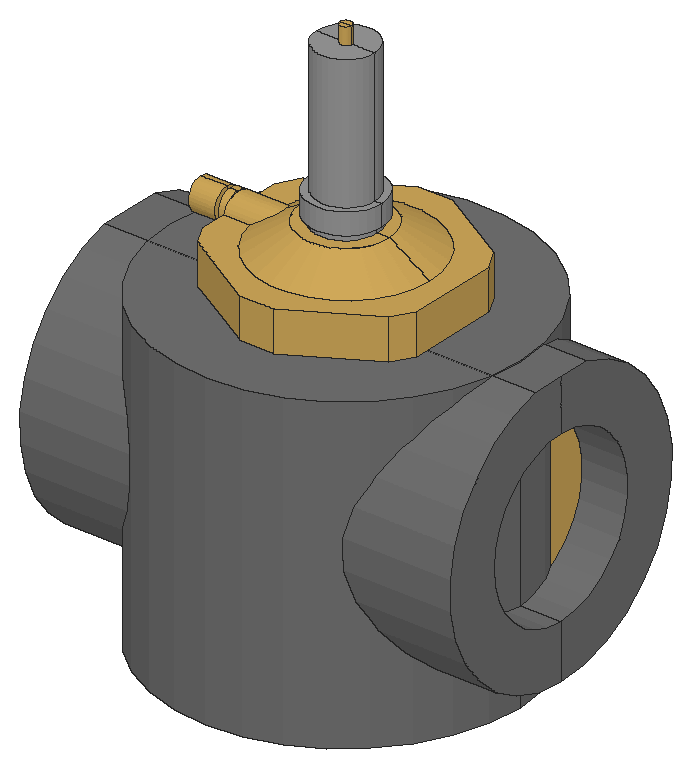
Revit family "Differential Pressure Control Valve 4002 5-30kPa", category Rohrzubehör, Revit 2018
Family settings
  Bemaßung runder Anschluss = Durchmesser verwenden
  Teiletyp = Unterbricht
  OmniClass-Nummer = 23.65.55.14
  OmniClass-Titel = Valves for Liquid Services
  Arbeitsebenenbasiert = Nein
  Immer vertikal = Ja
  Beim Laden mit Abzugskörper schneiden = Nein
  Gemeinsam genutzt = Nein
Parameters (values of type "with insulation")
  y4 [instance] = y2 - K14  # 56.000 mm
  y3 [instance] = y2 - K14  # 56.000 mm
  y2 [instance] = K14 + K9 + H01  # 72.649 mm
  y1 [instance] = (R03 * 2) + R05  # 140.000 mm
  Model = "The differential pressure controller is a straight-version linear controller and works without auxiliary power. The\r\nnominal differential pressure can be continuously adjusted from 50 to 300 mbar and 250 to 600 mbar, respectively.\r\nThe value for the setting can be read from the diagram. The nominal set point is factory preset to a minimum. If\r\nnecessary, the nominal set point can be adjusted using the pre-setting key (1 4002 01). A capillary tube (1000 mm) is\r\nincluded and should be connected to the circuit regulating valve in the supply line."
  Min. operating temperature (anti freeze) = -20 °C  # constant formula
  Max. operating temperature up to DN32 = 130 °C  # constant formula
  Max. operating temperature from DN40 = 110 °C  # constant formula
  Max. differential pressure on the body = 400000.0 Pa  # constant formula
  Max. operating pressure = 1600000.0 Pa  # constant formula
  Valve shaft = "stainless steel 14301"  # constant formula
  VRL01 = 30.000 mm  # constant formula
  V12 = 17.000 mm  # constant formula
  V10 = 16.000 mm  # constant formula
  V08 [instance] = G01 + 3.000 mm  # 38.000 mm
  V03 [instance] = G01 + 5.000 mm  # 40.000 mm
  V02 [instance] = V01 + 4.500 mm  # 29.500 mm
  V01 [instance] = Nennweite / 2  # 25.000 mm
  URL = "www.herzvalves.com"
  SCRNSEQ = "ARM;ARM_TYP=\"DIFR\";2"
  SCRNCODE = "05;03;4"  # constant formula
  S07 = 10.000 mm  # constant formula
  S05 [instance] = S01 - 1.000 mm  # 25.000 mm
  S04 [instance] = S02 - 1.000 mm  # 27.000 mm
  S03 [instance] = size_lookup("4002 5-30kPa", "S03", 26.500 mm, Nennweite)  # 37.700 mm
  S02 [instance] = size_lookup("4002 5-30kPa", "S02", 19.000 mm, Nennweite)  # 28.000 mm
  S01 [instance] = size_lookup("4002 5-30kPa", "S01", 14.850 mm, Nennweite)  # 26.000 mm
  Regulator connection nut = "brass CW614N"  # constant formula
  Control range = "5 - 30kPa"  # constant formula
  R06 [instance] = size_lookup("4002 5-30kPa", "R06", 14.500 mm, Nennweite)  # 14.500 mm
  R05 [instance] = size_lookup("4002 5-30kPa", "R05", 41.000 mm, Nennweite)  # 104.000 mm
  R04 [instance] = size_lookup("4002 5-30kPa", "R04", 12.500 mm, Nennweite)  # 14.500 mm
  R03 [instance] = size_lookup("4002 5-30kPa", "R03", 8.000 mm, Nennweite)  # 18.000 mm
  R02 = 14.500 mm  # constant formula
  R01 [instance] = size_lookup("4002 5-30kPa", "R01", 11.500 mm, Nennweite)  # 37.600 mm
  Min. operating temperature (pure water) = 2 °C  # constant formula
  O-Rings = "EPDM"  # constant formula
  Nennweite [instance] = 50.000 mm
  Membrane body = "brass CW602N"  # constant formula
  Membrane = "EPDM"  # constant formula
  Medium = "Water purity in accordance with the ÖNORM H 5195 and VDI 2035 standards.\r\nEthylene and propylene glycol can be mixed to a ratio of 25 - 50 vol. [%]"
  L07 [instance] = size_lookup("4002 5-30kPa", "L07", 28.500 mm, Nennweite)  # 70.000 mm
  L [instance] = size_lookup("4002 5-30kPa", "L", 66.000 mm, Nennweite)  # 140.000 mm
  K9 = 4.000 mm  # constant formula
  K8 = 55.000 mm  # constant formula
  K7 = 8.700 mm  # constant formula
  K6 = 11.700 mm  # constant formula
  K5 = 13.000 mm  # constant formula
  K4 = 12.000 mm  # constant formula
  K3 = 15.000 mm  # constant formula
  K2 = 2.350 mm  # constant formula
  K18 = 89.000 mm  # constant formula
  K17 = 66.700 mm  # constant formula
  K16 = 3.000 mm  # constant formula
  K15 = 26.649 mm  # constant formula
  K14 = 16.649 mm  # constant formula
  K13 = 16.649 mm  # constant formula
  K12 = 10.000 mm  # constant formula
  K11 = 35.000 mm  # constant formula
  K10 = 18.250 mm  # constant formula
  K1.1 = 2.350 mm  # constant formula
  K1 = 7.651 mm - 1.000 mm  # 6.651 mm
  J9 = 15.700 mm  # constant formula
  J8 = 7.850 mm  # constant formula
  J7 = 15.897 mm  # constant formula
  J6 = 3.900 mm  # constant formula
  J5 = 6.500 mm  # constant formula
  J4 = 1.500 mm  # constant formula
  J3 = 3.200 mm  # constant formula
  J2 = 11.000 mm  # constant formula
  J11 = 3.500 mm  # constant formula
  J10 = 18.897 mm  # constant formula
  J1 = 6.500 mm  # constant formula
  Hersteller = "HERZ-Armaturen Ges.m.b.H"  # constant formula
  H2 [instance] = size_lookup("4002 5-30kPa", "H2", 28.000 mm, Nennweite)  # 58.000 mm
  H1 [instance] = K1 + K2 + K3 + K4 + K5 + K7 + K8 + K16 + 16.650 mm  # 132.351 mm
  H04 = 4.000 mm  # constant formula
  H03 = 9.800 mm  # constant formula
  H02 [instance] = size_lookup("4002 5-30kPa", "H02", 53.000 mm, Nennweite)  # 107.000 mm
  H01 [instance] = size_lookup("4002 5-30kPa", "H01", 25.000 mm, Nennweite)  # 52.000 mm
  Body = "DZR brass CC770S"  # constant formula
  G01 [instance] = size_lookup("4002 5-30kPa", "G01", 13.220 mm, Nennweite)  # 35.000 mm
  Adjusting spindle = "brass CW614N"  # constant formula
  Materials = "EPDM gaskets can be affected by mineral oil lubricants and thus lead to failure of the EPDM seals. Please refer\r\nto manufacturers documentation when using ethylene glycol products for frost and corrosion protection."
  Dämmung = yes
  Insulation shell = "EPP (expanded polypropylen)"  # constant formula
  Compression spring = "spring steel 14310 NS"  # constant formula
  D07 [instance] = if(Nennweite = 15.000 mm, 32.000 mm, if(Nennweite = 20.000 mm, 33.000 mm, if(Nennweite = 25.000 mm, 33.000 mm, if(Nennweite = 32.000 mm, 49.000 mm, if(Nennweite = 40.000 mm, 57.560 mm, if(Nennweite = 50.000 mm, 57.560 mm, 0.000 mm))))))  # 57.560 mm
  D06 [instance] = if(Nennweite = 15.000 mm, 32.000 mm, if(Nennweite = 20.000 mm, 33.000 mm, if(Nennweite = 25.000 mm, 33.000 mm, if(Nennweite = 32.000 mm, 49.000 mm, if(Nennweite = 40.000 mm, 57.560 mm, if(Nennweite = 50.000 mm, 57.560 mm, 0.000 mm))))))  # 57.560 mm
  D05 [instance] = if(Nennweite = 15.000 mm, 36.750 mm, if(Nennweite = 20.000 mm, 40.700 mm, if(Nennweite = 25.000 mm, 49.200 mm, if(Nennweite = 32.000 mm, 54.150 mm, if(Nennweite = 40.000 mm, 60.750 mm, if(Nennweite = 50.000 mm, 72.700 mm, 0.000 mm))))))  # 72.700 mm
  D04 [instance] = if(Nennweite = 15.000 mm, 78.500 mm, if(Nennweite = 20.000 mm, 82.000 mm, if(Nennweite = 25.000 mm, 84.000 mm, if(Nennweite = 32.000 mm, 120.000 mm, if(Nennweite = 40.000 mm, 130.000 mm, if(Nennweite = 50.000 mm, 130.500 mm, 0.000 mm))))))  # 130.500 mm
  D03 [instance] = if(Nennweite = 15.000 mm, 96.000 mm, if(Nennweite = 20.000 mm, 110.000 mm, if(Nennweite = 25.000 mm, 112.000 mm, if(Nennweite = 32.000 mm, 152.000 mm, if(Nennweite = 40.000 mm, 170.000 mm, if(Nennweite = 50.000 mm, 179.000 mm, 0.000 mm))))))  # 179.000 mm
  D01 [instance] = size_lookup("4002 5-30kPa", "G01", 13.220 mm, Nennweite)  # 35.000 mm
  DN50 [instance] = Nennweite = 50.000 mm  # yes
  DN40 [instance] = Nennweite = 40.000 mm  # no
  DN32-40 [instance] = or(Nennweite = 32.000 mm, Nennweite = 40.000 mm)  # no
  DN32 [instance] = Nennweite = 32.000 mm  # no
  DN25 [instance] = Nennweite = 25.000 mm  # no
  DN20 [instance] = Nennweite = 20.000 mm  # no
  DN15-25 [instance] = or(Nennweite = 15.000 mm, Nennweite = 20.000 mm, Nennweite = 25.000 mm)  # no
  DN15,20,25,32,50 [instance] = or(Nennweite = 15.000 mm, Nennweite = 20.000 mm, Nennweite = 25.000 mm, Nennweite = 32.000 mm, Nennweite = 50.000 mm)  # yes
  DN15 [instance] = Nennweite = 15.000 mm  # no
  D02 [instance] = size_lookup("4002 5-30kPa", "R05", 41.000 mm, Nennweite)  # 104.000 mm
  Bestellnummer Dämmung [instance] = if(and(Dämmung, Nennweite = 15.000 mm), 1409611, if(and(Dämmung, Nennweite = 20.000 mm), 1409612, if(and(Dämmung, Nennweite = 25.000 mm), 1409613, if(and(Dämmung, Nennweite = 32.000 mm), 1409614, if(and(Dämmung, Nennweite = 40.000 mm), 1409615, if(and(Dämmung, Nennweite = 50.000 mm), 1409616, 0))))))  # 1409616
  Bestellnummer [instance] = size_lookup("4002 5-30kPa", "Artnr", 0, Nennweite)  # 1400246
  B2 [instance] = size_lookup("4002 5-30kPa", "B2", 31.000 mm, Nennweite)  # 41.000 mm
  B1 [instance] = size_lookup("4002 5-30kPa", "B1", 26.000 mm, Nennweite)  # 41.000 mm
  B04 = 100.649 mm  # constant formula
  B03 = 44.500 mm  # constant formula
  B02 = 104.688 mm  # constant formula
  B01 = 10.000 mm  # constant formula
  Indicator sleeve = "plastic (red)"  # constant formula
  Application = "Differential pressure controllers are used to stabilize the differential pressure in heating and cooling circuits and ensure the\r\nindependence of the loads from dynamic pressure fluctuations in the system."
  Connection nipple = "brass CW602N"  # constant formula
Types (2, lengths in mm): name | Model | Medium | Materials | Dämmung | Bestellnummer Dämmung
  without insulation | "The differential pressure controller is a straight-version linear controller and works without auxiliary power. The\r\nnominal differential pressure can be continuously adjusted from 50 to 300 mbar and 250 to 600 mbar, respectively.\r\nThe value for the setting can be read from the diagram. The nominal set point is factory preset to a minimum. If\r\nnecessary, the nominal set point can be adjusted using the pre-setting key (1 4002 01). A capillary (1000 mm) is\r\nincluded and should be connected to the circuit regulating valve in the flow." | "Water purity in accordance with the ÖNORM H 5195 and VDI 2035 standards\r\nEthylene and propylene glycol can be mixed to a ratio of 25 - 50 vol. [%]" | "EPDM gaskets can be affected by Mineral oils lubricants and thus lead to failure of the EPDM seals. Please refer\r\nto manufacturers documentation when using ethylene glycol products for frost and corrosion protection" | no | 0
  with insulation | "The differential pressure controller is a straight-version linear controller and works without auxiliary power. The\r\nnominal differential pressure can be continuously adjusted from 50 to 300 mbar and 250 to 600 mbar, respectively.\r\nThe value for the setting can be read from the diagram. The nominal set point is factory preset to a minimum. If\r\nnecessary, the nominal set point can be adjusted using the pre-setting key (1 4002 01). A capillary tube (1000 mm) is\r\nincluded and should be connected to the circuit regulating valve in the supply line." | "Water purity in accordance with the ÖNORM H 5195 and VDI 2035 standards.\r\nEthylene and propylene glycol can be mixed to a ratio of 25 - 50 vol. [%]" | "EPDM gaskets can be affected by mineral oil lubricants and thus lead to failure of the EPDM seals. Please refer\r\nto manufacturers documentation when using ethylene glycol products for frost and corrosion protection." | yes | 1409616
Reference planes
  plane 1 "Mitte (Vorne/hinten)": y = 0
  plane 2: z = 0
  plane 3 "Mitte (Links/rechts)": x = 0
Forms (mm)
  Revolve 1, solid, material "Messing, weicher Gelbton, geschweißt", detail levels fine
    sketch origin (0, 0, 0) x (1, 0, 0) y (0, 0, 1)
      loop
        line (-70, 0) -> (70, 0) -> (70, 35) -> (52, 35) -> (52, 37.6) -> (-52, 37.6) -> (-52, 35) -> (-70, 35) -> (-70, 0)
      axis (-70, 0) -> (70, 0)
    angle from 0 to 360
  Revolve 2, solid, material "Messing, weicher Gelbton, geschweißt", detail levels fine
    sketch origin (0, 0, 0) x (1, 0, 0) y (0, 0, 1)
      loop
        line (0, -58) -> (0, 0) -> (-27, 0) -> (-27, -48.2) -> (-28, -48.2) -> (-28, -58) -> (0, -58)
      axis (0, 0) -> (0, -58)
    angle from 0 to 360
  Extrusion 3, solid, material "Messing, weicher Gelbton, geschweißt", detail levels fine
    sketch origin (0, 0, 0) x (0, -1, 0) y (1, 0, 0)
      loop
        line (-46, -7.038) -> (-27.114, -39.75) -> (-18.886, -44.5) -> (18.886, -44.5) -> (27.114, -39.75) -> (46, -7.038) -> (46, 7.038) -> (27.114, 39.75) -> (18.886, 44.5) -> (-18.886, 44.5) -> (-27.114, 39.75) -> (-46, 7.038) -> (-46, -7.038)
    from 56 to 72.649
  Revolve 4, solid, material "Messing, weicher Gelbton, geschweißt", detail levels fine
    sketch origin (0, 0, -7.051) x (1, 0, 0) y (0, 0, 1)
      loop
        line (0, 79.7) -> (0, 89.7) -> (-18.25, 89.7) -> (-35, 79.7) -> (0, 79.7)
      axis (0, 89.7) -> (0, 79.7)
    angle from 0 to 360
  Revolve 5, solid, material "Messing, weicher Gelbton, geschweißt", visible <- "DN15-25", detail levels fine
    sketch origin (-11, 0, 0) x (1, 0, 0) y (0, 1, 0)
      loop
        line (-3.5, 41) -> (-11.2, 41) -> (-11.2, 0) -> (-3.5, 0) -> (-3.5, 41)
      axis (-3.5, 0) -> (-3.5, 41)
    angle from 0 to 360
  Revolve 6, solid, material "Messing, weicher Gelbton, geschweißt", visible <- "DN15,20,25,32,50", detail levels fine
    sketch origin (-0.988, 0, -6.853) x (-1, 0, 0) y (0, 0, 1)
      loop
        line (43.5, 78.75) -> (59.2, 78.75) -> (59.2, 85.25) -> (48.2, 85.25) -> (48.2, 82.65) -> (46.7, 82.65) -> (46.7, 85.25) -> (43.5, 85.25) -> (43.5, 78.75)
      axis (43.5, 78.75) -> (59.2, 78.75)
    angle from 0 to 360
  Extrusion 7, solid, material "Messing, weicher Gelbton, geschweißt", visible <- "DN15,20,25,32,50", detail levels fine
    sketch origin (0, 0, 0) x (0, 1, 0) y (0, 0, -1)
      loop
        line (7.85, -70.547) -> (7.85, -59.5) -> (-7.85, -59.5) -> (-7.85, -70.547)
        arc (-7.85, -70.547) -> (0, -78.397) -> (7.85, -70.547) r 7.85
    from 0 to 44.5
  Revolve 8, solid, material "Kunststoff rot", detail levels fine
    sketch origin (0, 0, 0) x (1, 0, 0) y (0, 0, 1)
      loop
        line (-12, 149.349) -> (-12, 94.349) -> (-15, 94.349) -> (-15, 85.649) -> (-13, 85.649) -> (-13, 82.649) -> (0, 82.649) -> (0, 149.349) -> (-12, 149.349)
      axis (0, 149.349) -> (0, 82.649)
    angle from 0 to 360
  Revolve 9, solid, material "Messing, weicher Gelbton, geschweißt", visible <- "DN15-25", detail levels fine
    sketch origin (-2, 0, 0) x (1, 0, 0) y (0, 1, 0)
      loop
        line (-12.5, 0) -> (-21.5, 0) -> (-21.5, -41) -> (-12.5, -41) -> (-12.5, 0)
      axis (-12.5, 0) -> (-12.5, -41)
    angle from 0 to 360
  Revolve 10, solid, material "Messing, weicher Gelbton, geschweißt", visible <- "DN15-25", detail levels fine
    sketch origin (2, 0, 0) x (1, 0, 0) y (0, 1, 0)
      loop
        line (12.5, 0) -> (12.5, -41) -> (21.6, -41) -> (21.6, 0) -> (12.5, 0)
      axis (12.5, 0) -> (12.5, -41)
    angle from 0 to 360
  Extrusion 11, solid, material "Messing, weicher Gelbton, geschweißt", visible <- "DN32", detail levels fine
    sketch origin (-31.5, 0, 0) x (1, 0, 0) y (0, 1, 0)
      loop
        circle (63, 0) r 6.578
      loop
        circle (63, 0) r 3.28
    from -47 to 0
  Extrusion 12, solid, material "Messing, weicher Gelbton, geschweißt", visible <- "DN32", detail levels fine
    sketch origin (31.5, 0, 0) x (-1, 0, 0) y (0, -1, 0)
      loop
        circle (63, 0) r 6.578
      loop
        circle (63, 0) r 3.28
    from -47 to 0
  Revolve 13, solid, material "Messing, weicher Gelbton, geschweißt", detail levels fine
    sketch origin (0, 0, 0) x (1, 0, 0) y (0, 0, 1)
      loop
        line (-25, 0) -> (0, 0) -> (0, 56) -> (-21, 56) -> (-21, 52) -> (-26, 52) -> (-26, 42.2) -> (-25, 42.2) -> (-25, 0)
      axis (0, 56) -> (0, 0)
    angle from 0 to 360
  Extrusion 14, solid, material "Messing, weicher Gelbton, geschweißt", visible <- "DN40", detail levels fine
    sketch origin (29.382, 0, 0) x (-1, 0, 0) y (0, -1, 0)
      loop
        circle (63, 0) r 6.578
      loop
        circle (63, 0) r 3.28
    from -58 to 0
  Extrusion 15, solid, material "Messing, weicher Gelbton, geschweißt", visible <- "DN40", detail levels fine
    sketch origin (-29.455, 0, 0) x (1, 0, 0) y (0, 1, 0)
      loop
        circle (63, 0) r 6.578
      loop
        circle (63, 0) r 3.28
    from -58 to 0
  Extrusion 16, solid, material "Messing, weicher Gelbton, geschweißt", visible <- "DN50", detail levels fine
    sketch origin (28.422, 0, 0) x (-1, 0, 0) y (0, -1, 0)
      loop
        circle (63, 0) r 6.578
      loop
        circle (63, 0) r 3.28
    from -58 to 0
  Extrusion 17, solid, material "Messing, weicher Gelbton, geschweißt", visible <- "DN50", detail levels fine
    sketch origin (-28.422, 0, 0) x (1, 0, 0) y (0, 1, 0)
      loop
        circle (63, 0) r 6.578
      loop
        circle (63, 0) r 3.28
    from -58 to 0
  Revolve 18, solid, material "Messing, weicher Gelbton, geschweißt", detail levels fine
    sketch origin (0, 0, 0) x (1, 0, 0) y (0, 0, 1)
      loop
        line (-2.35, 148.349) -> (0, 148.349) -> (0, 156) -> (-2.35, 156) -> (-2.35, 148.349)
      axis (0, 156) -> (0, 148.349)
    angle from 0 to 360
  Revolve 19, solid, material "Messing, weicher Gelbton, geschweißt", visible <- "DN32-40", detail levels fine
    sketch origin (-11, 0, 0) x (1, 0, 0) y (0, 1, 0)
      loop
        line (-3.5, -41) -> (-3.5, 0) -> (-11.2, 0) -> (-11.2, -41) -> (-3.5, -41)
      axis (-3.5, 0) -> (-3.5, -41)
    angle from 0 to 360
  Extrusion 20, solid, material "Messing, weicher Gelbton, geschweißt", visible <- "DN40", detail levels fine
    sketch origin (0, 0, 0) x (0, 1, 0) y (0, 0, 1)
      loop
        arc (7.85, 74.047) -> (0, 81.897) -> (-7.85, 74.047) r 7.85
        line (-7.85, 74.047) -> (-7.85, 63) -> (7.85, 63) -> (7.85, 74.047)
    from 0 to 44.5
  Revolve 21, solid, material "Messing, weicher Gelbton, geschweißt", visible <- "DN40", detail levels fine
    sketch origin (0.988, 0, -6.853) x (1, 0, 0) y (0, 0, 1)
      loop
        line (43.5, 82.25) -> (59.2, 82.25) -> (59.2, 88.75) -> (48.2, 88.75) -> (48.2, 86.15) -> (46.7, 86.15) -> (46.7, 88.75) -> (43.5, 88.75) -> (43.5, 82.25)
      axis (43.5, 82.25) -> (59.2, 82.25)
    angle from 0 to 360
  Revolve 22, solid, material "Messing, weicher Gelbton, geschweißt", not visible, detail levels fine
    sketch origin (16.501, 0, 0) x (-1, 0, 0) y (0, 0, 1)
      loop
        line (86.501, 0) -> (116.501, 0) -> (116.501, 25) -> (99.501, 25) -> (99.501, 29.5) -> (90.501, 29.5) -> (90.501, 40) -> (83.501, 40) -> (83.501, 38) -> (68.501, 38) -> (68.501, 35) -> (86.501, 35) -> (86.501, 0)
      axis (68.501, 0) -> (116.501, 0)
    angle from 0 to 360
  Revolve 23, solid, material "Messing, weicher Gelbton, geschweißt", not visible, detail levels fine
    sketch origin (-16.501, 0, 0) x (1, 0, 0) y (0, 0, 1)
      loop
        line (86.501, 0) -> (116.501, 0) -> (116.501, 25) -> (99.501, 25) -> (99.501, 29.5) -> (90.501, 29.5) -> (90.501, 40) -> (83.501, 40) -> (83.501, 38) -> (68.501, 38) -> (68.501, 35) -> (86.501, 35) -> (86.501, 0)
      axis (68.501, 0) -> (116.501, 0)
    angle from 0 to 360
  Revolve 24, solid, material "Kunststoff-Anthrazit/Schwarz", visible <- "Dämmung", detail levels fine
    sketch origin (0, 0, 0) x (1, 0, 0) y (0, 0, 1)
      loop
        line (89.5, 57.56) -> (-89.5, 57.56) -> (-89.5, 35) -> (-52, 35) -> (-52, 0) -> (0, 0) -> (52, 0) -> (52, 35) -> (89.5, 35) -> (89.5, 57.56)
      axis (-89.5, 0) -> (89.5, 0)
    angle from 0 to 360
  Revolve 25, solid, material "Kunststoff-Anthrazit/Schwarz", visible <- "Dämmung", detail levels fine
    sketch origin (0, 0, 0) x (1, 0, 0) y (0, 0, 1)
      loop
        line (0, 57.56) -> (0, -72.94) -> (72.7, -72.94) -> (72.7, 57.56) -> (0, 57.56)
      axis (0, -72.94) -> (0, 57.56)
    angle from 0 to 360
  Extrusion 26, void
    sketch origin (-250.451, -32.5, 0) x (1, 0, 0) y (0, 1, 0)
      loop
        line (153.352, -86.003) -> (360.451, -86.003) -> (360.451, 115.627) -> (153.352, 115.627) -> (153.352, -86.003)
    from 56 to 72.649
  Extrusion 27, void
    sketch origin (-295.468, -55, 0) x (1, 0, 0) y (0, 1, 0)
      loop
        line (159.813, -75.595) -> (420.468, -75.595) -> (420.468, 210) -> (159.813, 210) -> (159.813, -75.595)
    from 56 to 72.649
Cuts and joins
  Extrusion 26 cuts Revolve 24
  Extrusion 27 cuts Revolve 25
Lines and regions (mm)
  model lines, detail levels coarse+medium
    curve 1: line (70, -35, 0) -> (70, 35, 0)
    curve 2: line (70, 35, 0) -> (-70, -35, 0)
    curve 3: line (-70, -35, 0) -> (-70, 35, 0)
    curve 4: line (-70, 35, 0) -> (70, -35, 0)
    curve 5: line (0, -42, 0) -> (0, -56, 0)
    curve 6: spline (-44.5, -64.324, 0) -> (-42.984, -62.17, 0) -> (-38.538, -60.162, 0) -> (-31.466, -58.438, 0) -> (-22.25, -57.115, 0) -> (-11.517, -56.284, 0) -> (0, -56, 0) -> (11.517, -56.284, 0) -> (22.25, -57.115, 0) -> (31.466, -58.438, 0) -> (38.538, -60.162, 0) -> (42.984, -62.17, 0) -> (44.5, -64.325, 0) -> (42.984, -66.479, 0) -> (38.538, -68.487, 0) -> (31.466, -70.211, 0) -> (22.25, -71.534, 0) -> (11.517, -72.365, 0) -> (0, -72.649, 0) -> (-11.517, -72.365, 0) -> (-22.25, -71.534, 0) -> (-31.466, -70.211, 0) -> (-38.538, -68.487, 0) -> (-42.984, -66.479, 0) -> (-44.5, -64.324, 0)
    curve 7: line (-70, 0, 35) -> (-70, 0, -35)
    curve 8: line (-70, 0, -35) -> (70, 0, 35)
    curve 10: line (70, 0, -35) -> (-70, 0, 35)
    curve 11: line (0, 0, 35) -> (0, 0, 56)
    curve 12: spline (-44.5, 0, 64.325) -> (-42.984, 0, 66.479) -> (-38.538, 0, 68.487) -> (-31.466, 0, 70.211) -> (-22.25, 0, 71.534) -> (-11.517, 0, 72.365) -> (0, 0, 72.649) -> (11.517, 0, 72.365) -> (22.25, 0, 71.534) -> (31.466, 0, 70.211) -> (38.538, 0, 68.487) -> (42.984, 0, 66.479) -> (44.5, 0, 64.324) -> (42.984, 0, 62.17) -> (38.538, 0, 60.162) -> (31.466, 0, 58.438) -> (22.25, 0, 57.115) -> (11.517, 0, 56.284) -> (0, 0, 56) -> (-11.517, 0, 56.284) -> (-22.25, 0, 57.115) -> (-31.466, 0, 58.438) -> (-38.538, 0, 60.162) -> (-42.984, 0, 62.17) -> (-44.5, 0, 64.325)
    curve 13: line (0, 0, 35) -> (35, 0, 17.5)
    curve 14: line (0, 0, 35) -> (-35, 0, 17.5)
    curve 15: line (70, 0, 0) -> (100, 0, 0)
    curve 16: line (0, -42, 0) -> (-18.2, -9.1, 0)
    curve 17: line (0, -42, 0) -> (18.2, -9.1, 0)
    curve 22: line (70, 0, 35) -> (80, 0, 35)
    curve 23: line (80, 0, 35) -> (70, 0, 0)
    curve 24: line (70, 0, 0) -> (100, 0, 0)
    curve 25: line (70, 0, -35) -> (80, 0, -35)
    curve 26: line (80, 0, -35) -> (70, 0, 0)
    curve 27: line (-70, 35, 0) -> (-80, 35, 0)
    curve 28: line (-80, 35, 0) -> (-70, 0, 0)
    curve 29: line (-70, -35, 0) -> (-80, -35, 0)
    curve 30: line (-80, -35, 0) -> (-70, 0, 0)
    curve 31: line (70, -35, 0) -> (70, 35, 0)
    curve 32: line (70, 35, 0) -> (80, 35, 0)
    curve 33: line (80, 35, 0) -> (70, 0, 0)
    curve 34: line (70, -35, 0) -> (80, -35, 0)
    curve 35: line (80, -35, 0) -> (70, 0, 0)
  model lines, detail levels coarse
    curve 9: line (70, 0, 35) -> (70, 0, -35)
    curve 18: line (-70, 0, 35) -> (-80, 0, 35)
    curve 19: line (-80, 0, 35) -> (-70, 0, 0)
    curve 20: line (-70, 0, -35) -> (-80, 0, -35)
    curve 21: line (-80, 0, -35) -> (-70, 0, 0)
  model lines
    curve 36: line (0, 0, 0) -> (0, -37.5, 0)
    curve 37: line (0, 0, 0) -> (0, -61.5, 0)
Dimensions and locks
  "G01": Revolve 1 sketch curve to Revolve 1 sketch curve  (x2)
  "R01": Revolve 1 sketch curve to Revolve 1 sketch curve
  "R03": Revolve 1 sketch curve to Revolve 1 sketch curve  (x2)
  "K10": Revolve 4 sketch curve to Revolve 4 sketch curve
  "K11": Revolve 4 sketch curve to Revolve 4 sketch curve
  "B1": Revolve 5 sketch curve to Revolve 5 sketch curve
  "J1": Revolve 6 sketch curve to Revolve 6 sketch curve
  "J3": Revolve 6 sketch curve to Revolve 6 sketch curve
  "J4": Revolve 6 sketch curve to Revolve 6 sketch curve
  "J2": Revolve 6 sketch curve to Revolve 6 sketch curve
  "J5": Revolve 6 sketch curve to Revolve 6 sketch curve
  "J6": Revolve 6 sketch curve to Revolve 6 sketch curve
  "H2": plane 2 to Revolve 2 sketch curve
  "H03": Revolve 2 sketch curve to Revolve 2 sketch curve
  "S02": plane 3 "Mitte (Links/rechts)" to Revolve 2 sketch curve
  "B02": Revolve 6 to Extrusion 3
  "B03": Extrusion 3 to plane 3 "Mitte (Links/rechts)"
  "R04": Revolve 5 sketch curve to plane 3 "Mitte (Links/rechts)"
  "K4": Revolve 8 sketch curve to Revolve 8 sketch curve
  "K3": Revolve 8 sketch curve to Revolve 8 sketch curve
  "K7": Revolve 8 sketch curve to Revolve 8 sketch curve
  "K5": Revolve 8 sketch curve to Revolve 8 sketch curve
  "K8": Revolve 8 sketch curve to Revolve 8 sketch curve
  "K12": Revolve 4 sketch curve to Revolve 4 sketch curve
  "K13": Revolve 4 sketch curve to Extrusion 3
  "K14": Extrusion 3 to Extrusion 3
  "K16": Revolve 8 sketch curve to Revolve 8 sketch curve
  "K15": Revolve 8 to Extrusion 3
  "R05": Revolve 1 sketch curve to Revolve 1 sketch curve
  plane 3 "Mitte (Links/rechts)" to Revolve 1 sketch curve = 70.000 mm
  Revolve 1 sketch curve to plane 3 "Mitte (Links/rechts)" = 70.000 mm
  equal spacing: Revolve 1 sketch curve, plane 3 "Mitte (Links/rechts)", Revolve 1 sketch curve
  "B2": plane 1 "Mitte (Vorne/hinten)" to Revolve 9 sketch curve
  "B2": Revolve 10 sketch curve to plane 1 "Mitte (Vorne/hinten)"
  "R06": Revolve 9 sketch curve to plane 3 "Mitte (Links/rechts)"
  "R06": plane 3 "Mitte (Links/rechts)" to Revolve 10 sketch curve
  "S01": Revolve 13 sketch curve to plane 3 "Mitte (Links/rechts)"
  "S05": plane 3 "Mitte (Links/rechts)" to Revolve 13 sketch curve
  "H04": Revolve 13 sketch curve to Revolve 13 sketch curve
  "H03": Revolve 13 sketch curve to Revolve 13 sketch curve
  "H01": Revolve 13 sketch curve to plane 2
  "K9": Extrusion 3 to Revolve 13
  Revolve 2 sketch curve to Revolve 2 sketch curve = 1.000 mm
  "J7": Revolve 6 sketch curve to Extrusion 3
  "J9": Extrusion 7 sketch curve to Extrusion 7 sketch curve
  "J10": Revolve 6 to Extrusion 7 sketch curve
  "J11": Extrusion 7 sketch curve to Extrusion 3
  equal spacing: curve 7, curve 6, curve 9
  "K18": Extrusion 3 to Extrusion 3
  equal spacing: curve 7, curve 14, curve 14
  equal spacing: curve 14, curve 13, curve 9
  "G01": curve 10 to plane 2
  "G01": plane 2 to curve 8
  "G01": curve 9 to plane 2
  "G01": plane 2 to curve 10
  "K18": curve 12 to curve 12
  "y1": curve 7 to curve 9
  "G01": curve 14 to plane 2
  "K14": curve 12 to curve 12
  "y2": curve 12 to plane 2
  "G01": plane 1 "Mitte (Vorne/hinten)" to curve 4
  "G01": curve 3 to plane 1 "Mitte (Vorne/hinten)"
  equal spacing: curve 3, curve 12, curve 1
  equal spacing: curve 3, curve 17, curve 1
  "y1": curve 3 to curve 1
  "G01": plane 1 "Mitte (Vorne/hinten)" to curve 2
  "G01": curve 4 to plane 1 "Mitte (Vorne/hinten)"
  "K18": curve 6 to curve 6
  "K14": curve 6 to curve 6
  "y2": curve 6 to plane 1 "Mitte (Vorne/hinten)"
  "K1": Revolve 18 sketch curve to Revolve 8
  "K1.1": plane 3 "Mitte (Links/rechts)" to Revolve 18 sketch curve
  "B1": Revolve 19 sketch curve to Revolve 19 sketch curve
  "R04": Revolve 19 sketch curve to plane 3 "Mitte (Links/rechts)"
  Revolve 18 to Revolve 2 = 214.000 mm
  "J9": Extrusion 20 sketch curve to Extrusion 20 sketch curve
  "J1": Revolve 21 sketch curve to Revolve 21 sketch curve
  "J3": Revolve 21 sketch curve to Revolve 21 sketch curve
  "J4": Revolve 21 sketch curve to Revolve 21 sketch curve
  "J2": Revolve 21 sketch curve to Revolve 21 sketch curve
  "J5": Revolve 21 sketch curve to Revolve 21 sketch curve
  "J6": Revolve 21 sketch curve to Revolve 21 sketch curve
  "R03": Revolve 22 sketch curve to Revolve 22 sketch curve
  "V12": Revolve 22 sketch curve to Revolve 22 sketch curve
  "VRL01": Revolve 22 sketch curve to Revolve 22 sketch curve
  "V10": Revolve 22 sketch curve to Revolve 22 sketch curve
  "V01": Revolve 22 sketch curve to plane 2
  "V02": Revolve 22 sketch curve to plane 2
  "G01": Revolve 22 sketch curve to plane 2
  "V08": Revolve 22 sketch curve to plane 2
  "V03": Revolve 22 sketch curve to plane 2
  "L07": Revolve 22 to plane 3 "Mitte (Links/rechts)"
  "R03": Revolve 23 sketch curve to Revolve 23 sketch curve
  "V12": Revolve 23 sketch curve to Revolve 23 sketch curve
  "VRL01": Revolve 23 sketch curve to Revolve 23 sketch curve
  "V10": Revolve 23 sketch curve to Revolve 23 sketch curve
  "V01": Revolve 23 sketch curve to plane 2
  "V02": Revolve 23 sketch curve to plane 2
  "G01": Revolve 23 sketch curve to plane 2
  "V08": Revolve 23 sketch curve to plane 2
  "V03": Revolve 23 sketch curve to plane 2
  "L07": plane 3 "Mitte (Links/rechts)" to Revolve 23
  "S07": curve 21 to Revolve 1
  "S07": curve 19 to Revolve 22
  "S07": Revolve 23 to curve 23
  "S07": Revolve 23 to curve 26
  "S07": curve 28 to curve 3
  "S07": curve 30 to curve 3
  "S07": curve 31 to curve 33
  "S07": curve 31 to curve 35
  equal spacing: Revolve 24 sketch curve, plane 3 "Mitte (Links/rechts)", Revolve 24 sketch curve  (x2)
  "D01": Revolve 24 sketch curve to plane 2  (x2)
  "D02": Revolve 24 sketch curve to Revolve 24 sketch curve
  "D03": Revolve 24 sketch curve to Revolve 24 sketch curve
  "D04": Revolve 25 sketch curve to Revolve 25 sketch curve
  "D05": Revolve 25 sketch curve to plane 3 "Mitte (Links/rechts)"
  "D06": Revolve 25 sketch curve to plane 2
  plane 2 to Revolve 25 sketch curve = 72.940 mm
  "K9": Extrusion 26 to Revolve 13
  "K14": Extrusion 26 to Extrusion 26
  "K14": Extrusion 27 to Extrusion 27
  "K9": Extrusion 27 to Revolve 13
  "D07": Revolve 24 sketch curve to plane 2
  "J8": radius of Extrusion 7 sketch curve
  "J8": radius of Extrusion 20 sketch curve
  aligned and locked: level to plane 2
Automatic sketch dimensions
  plane 3 "Mitte (Links/rechts)" to Extrusion 3 sketch curve = 7.038 mm  (x2)
  Extrusion 3 sketch curve to plane 1 "Mitte (Vorne/hinten)" = 46.000 mm
  Extrusion 3 sketch curve to plane 1 "Mitte (Vorne/hinten)" = 27.114 mm  (x2)
  Extrusion 3 sketch curve to Extrusion 3 sketch curve = 8.227 mm  (x4)
  plane 1 "Mitte (Vorne/hinten)" to Extrusion 3 sketch curve = 18.886 mm  (x2)
  Extrusion 3 sketch curve to Extrusion 3 sketch curve = 18.886 mm
  Extrusion 3 sketch curve to plane 3 "Mitte (Links/rechts)" = 7.038 mm  (x2)
  Extrusion 3 sketch curve to Extrusion 3 sketch curve = 32.712 mm  (x4)
  Extrusion 3 sketch curve to Extrusion 3 sketch curve = 4.750 mm  (x2)
  Extrusion 11 sketch curve to Extrusion 11 sketch curve = 0.000 mm  (x2)
  plane 1 "Mitte (Vorne/hinten)" to Extrusion 11 sketch curve = 0.000 mm
  plane 3 "Mitte (Links/rechts)" to Extrusion 11 sketch curve = 31.500 mm
  Extrusion 12 sketch curve to Extrusion 12 sketch curve = 0.000 mm  (x2)
  plane 1 "Mitte (Vorne/hinten)" to Extrusion 12 sketch curve = 0.000 mm
  plane 3 "Mitte (Links/rechts)" to Extrusion 12 sketch curve = 31.500 mm
  Extrusion 14 sketch curve to Extrusion 14 sketch curve = 0.000 mm  (x2)
  plane 1 "Mitte (Vorne/hinten)" to Extrusion 14 sketch curve = 0.000 mm
  plane 3 "Mitte (Links/rechts)" to Extrusion 14 sketch curve = 33.618 mm
  Extrusion 15 sketch curve to Extrusion 15 sketch curve = 0.000 mm  (x2)
  plane 1 "Mitte (Vorne/hinten)" to Extrusion 15 sketch curve = 0.000 mm
  plane 3 "Mitte (Links/rechts)" to Extrusion 15 sketch curve = 33.545 mm
  Extrusion 16 sketch curve to Extrusion 16 sketch curve = 0.000 mm  (x2)
  plane 1 "Mitte (Vorne/hinten)" to Extrusion 16 sketch curve = 0.000 mm
  plane 3 "Mitte (Links/rechts)" to Extrusion 16 sketch curve = 34.578 mm
  Extrusion 17 sketch curve to Extrusion 17 sketch curve = 0.000 mm  (x2)
  plane 1 "Mitte (Vorne/hinten)" to Extrusion 17 sketch curve = 0.000 mm
  plane 3 "Mitte (Links/rechts)" to Extrusion 17 sketch curve = 34.578 mm
  curve 37 to plane 1 "Mitte (Vorne/hinten)" = 0.000 mm
  curve 36 to curve 36 = 37.500 mm
  curve 37 to curve 36 = 24.000 mm
  curve 36 to level = 0.000 mm
  plane 1 "Mitte (Vorne/hinten)" to Extrusion 26 sketch curve = 118.503 mm
  Extrusion 26 sketch curve to plane 1 "Mitte (Vorne/hinten)" = 83.127 mm
  Extrusion 26 sketch curve to plane 3 "Mitte (Links/rechts)" = 97.099 mm
  Extrusion 26 sketch curve to Extrusion 26 sketch curve = 207.099 mm
  plane 1 "Mitte (Vorne/hinten)" to Extrusion 27 sketch curve = 130.595 mm
  Extrusion 27 sketch curve to plane 1 "Mitte (Vorne/hinten)" = 155.000 mm
  Extrusion 27 sketch curve to plane 3 "Mitte (Links/rechts)" = 135.656 mm
  Extrusion 27 sketch curve to Extrusion 27 sketch curve = 260.656 mm
  curve 14 to plane 3 "Mitte (Links/rechts)" = 0.000 mm
  curve 12 to plane 3 "Mitte (Links/rechts)" = 0.000 mm
  curve 15 to level = 0.000 mm
  curve 24 to level = 0.000 mm
  curve 21 to level = 0.000 mm
  curve 19 to level = 0.000 mm
  curve 15 to curve 15 = 30.000 mm
  curve 24 to curve 15 = 0.000 mm
  plane 1 "Mitte (Vorne/hinten)" to curve 28 = 0.000 mm
  curve 17 to plane 3 "Mitte (Links/rechts)" = 0.000 mm
  curve 6 to plane 3 "Mitte (Links/rechts)" = 0.000 mm
  plane 1 "Mitte (Vorne/hinten)" to curve 33 = 0.000 mm
  curve 5 to curve 16 = 14.000 mm
  plane 1 "Mitte (Vorne/hinten)" to curve 16 = 9.100 mm
  plane 1 "Mitte (Vorne/hinten)" to curve 17 = 9.100 mm
  Revolve 1 sketch curve to level = 0.000 mm  (x2)
  Revolve 1 sketch curve to Revolve 1 sketch curve = 1473.530 mm
  Revolve 1 sketch curve to Revolve 1 sketch curve = 1806.148 mm
  Revolve 2 sketch curve to level = 0.000 mm
  Revolve 2 sketch curve to plane 3 "Mitte (Links/rechts)" = 0.000 mm  (x2)
  Revolve 2 sketch curve to Revolve 2 sketch curve = 1.000 mm
  Revolve 2 sketch curve to Revolve 2 sketch curve = 334.045 mm
  level to Revolve 2 sketch curve = 2218.015 mm
  Revolve 4 sketch curve to plane 3 "Mitte (Links/rechts)" = 0.000 mm  (x2)
  Revolve 4 sketch curve to level = 373.096 mm
  Revolve 4 sketch curve to Revolve 4 sketch curve = 2155.315 mm
  plane 1 "Mitte (Vorne/hinten)" to Revolve 5 sketch curve = 0.000 mm  (x2)
  Revolve 5 sketch curve to Revolve 5 sketch curve = 0.000 mm  (x2)
  Revolve 5 sketch curve to Revolve 5 sketch curve = 7.700 mm
  plane 3 "Mitte (Links/rechts)" to Revolve 6 sketch curve = 44.488 mm
  Revolve 6 sketch curve to Revolve 6 sketch curve = 0.000 mm  (x3)
  Extrusion 7 sketch curve to plane 1 "Mitte (Vorne/hinten)" = 0.000 mm
  Extrusion 7 sketch curve to Extrusion 7 sketch curve = 11.047 mm
  Extrusion 7 sketch curve to Extrusion 7 sketch curve = 0.000 mm
  Revolve 8 sketch curve to plane 3 "Mitte (Links/rechts)" = 0.000 mm  (x2)
  level to Revolve 8 sketch curve = 82.649 mm
  Revolve 8 sketch curve to Revolve 8 sketch curve = 0.000 mm  (x2)
  plane 1 "Mitte (Vorne/hinten)" to Revolve 9 sketch curve = 0.000 mm  (x2)
  Revolve 9 sketch curve to Revolve 9 sketch curve = 9.000 mm
  Revolve 9 sketch curve to Revolve 9 sketch curve = 0.000 mm  (x2)
  plane 1 "Mitte (Vorne/hinten)" to Revolve 10 sketch curve = 0.000 mm  (x2)
  Revolve 10 sketch curve to Revolve 10 sketch curve = 9.100 mm
  Revolve 10 sketch curve to Revolve 10 sketch curve = 0.000 mm  (x2)
  Revolve 13 sketch curve to level = 0.000 mm  (x2)
  Revolve 13 sketch curve to plane 3 "Mitte (Links/rechts)" = 0.000 mm  (x2)
  Revolve 13 sketch curve to Revolve 13 sketch curve = 5.000 mm
  Revolve 13 sketch curve to Revolve 13 sketch curve = 0.000 mm
  Revolve 18 sketch curve to plane 3 "Mitte (Links/rechts)" = 0.000 mm  (x2)
  Revolve 18 sketch curve to Revolve 18 sketch curve = 7.651 mm
  Revolve 18 sketch curve to Revolve 18 sketch curve = 0.000 mm  (x2)
  plane 1 "Mitte (Vorne/hinten)" to Revolve 19 sketch curve = 0.000 mm  (x2)
  Revolve 19 sketch curve to Revolve 19 sketch curve = 7.700 mm
  Revolve 19 sketch curve to Revolve 19 sketch curve = 0.000 mm  (x2)
  Extrusion 20 sketch curve to plane 1 "Mitte (Vorne/hinten)" = 0.000 mm
  level to Extrusion 20 sketch curve = 63.000 mm
  Extrusion 20 sketch curve to Extrusion 20 sketch curve = 11.047 mm
  Extrusion 20 sketch curve to Extrusion 20 sketch curve = 0.000 mm
  plane 3 "Mitte (Links/rechts)" to Revolve 21 sketch curve = 44.488 mm
  level to Revolve 21 sketch curve = 75.397 mm
  Revolve 21 sketch curve to Revolve 21 sketch curve = 0.000 mm  (x3)
  Revolve 22 sketch curve to level = 0.000 mm  (x2)
  plane 3 "Mitte (Links/rechts)" to Revolve 22 sketch curve = 52.000 mm
  Revolve 22 sketch curve to Revolve 22 sketch curve = 4.000 mm
  Revolve 22 sketch curve to Revolve 22 sketch curve = 0.000 mm  (x2)
  Revolve 23 sketch curve to level = 0.000 mm  (x2)
  plane 3 "Mitte (Links/rechts)" to Revolve 23 sketch curve = 52.000 mm
  Revolve 23 sketch curve to Revolve 23 sketch curve = 4.000 mm
  Revolve 23 sketch curve to Revolve 23 sketch curve = 0.000 mm  (x2)
  Revolve 24 sketch curve to level = 0.000 mm  (x2)
  Revolve 24 sketch curve to plane 3 "Mitte (Links/rechts)" = 0.000 mm
  Revolve 24 sketch curve to Revolve 24 sketch curve = 0.000 mm  (x2)
  Revolve 25 sketch curve to plane 3 "Mitte (Links/rechts)" = 0.000 mm  (x2)
  Revolve 25 sketch curve to Revolve 25 sketch curve = 0.000 mm  (x2)
  radius of Extrusion 11 sketch curve = 6.578 mm
  radius of Extrusion 11 sketch curve = 3.280 mm
  radius of Extrusion 12 sketch curve = 6.578 mm
  radius of Extrusion 12 sketch curve = 3.280 mm
  radius of Extrusion 14 sketch curve = 6.578 mm
  radius of Extrusion 14 sketch curve = 3.280 mm
  radius of Extrusion 15 sketch curve = 6.578 mm
  radius of Extrusion 15 sketch curve = 3.280 mm
  radius of Extrusion 16 sketch curve = 6.578 mm
  radius of Extrusion 16 sketch curve = 3.280 mm
  radius of Extrusion 17 sketch curve = 6.578 mm
  radius of Extrusion 17 sketch curve = 3.280 mm
Nested families
  nested 1: "Herz-Logo-vorne" at (-0.018, 17.815, -12.904) x (0, -1, 0) z (0, 0, 1), type "Herz-Logo-vorne", detail levels fine
  nested 2: "Herz-Logo-vorne" at (-0.018, 29.612, 0) x (0, -1, 0) z (0, 0, 1), visible <- "DN32", type "Herz-Logo-vorne", detail levels fine
  nested 3: "Herz-Logo-vorne" at (-0.018, 38.665, 0) x (0, -1, 0) z (0, 0, 1), visible <- "DN40", type "Herz-Logo-vorne", detail levels fine
  nested 4: "Herz-Logo-vorne" at (-0.018, 36.048, 0) x (0, -1, 0) z (0, 0, 1), visible <- "DN50", type "Herz-Logo-vorne", detail levels fine
  nested 5: "Herz-Logo-vorne" at (-0.018, 38.665, 0) x (0, -1, 0) z (0, 0, 1), visible <- "DN50", type "Herz-Logo-vorne", detail levels fine
Connectors
  piping at (-70, 0, 0), diameter 50, driven by "Nennweite"
    settings: on Revolve 1, index 1, connector inside diameter 609.6 mm, connector length 0.000 mm, flow factor 0, pipe flow 0.0 L/s, pressure drop 0.0 Pa, fitting loss kfactor 0, connector angle 0.00°, fixture units 0, engagement length 0.000 mm, angle of deflection 0.00°, flow configuration 0, flow direction 1, fitting loss method 0, system type 7, joint type 0, gender type 0, connector reference index -1, connector utility 0, adjustable connector no, is connector primary yes, connector description ""
  piping at (70, 0, 0), diameter 50, driven by "Nennweite"
    settings: on Revolve 1, index 2, connector inside diameter 609.6 mm, connector length 0.000 mm, flow factor 0, pipe flow 0.0 L/s, pressure drop 0.0 Pa, fitting loss kfactor 0, connector angle 0.00°, fixture units 0, engagement length 0.000 mm, angle of deflection 0.00°, flow configuration 0, flow direction 2, fitting loss method 0, system type 29, joint type 0, gender type 0, connector reference index -1, connector utility 0, adjustable connector no, is connector primary no, connector description ""
Definition of nested family "Herz-Logo-vorne"
  Reference planes
    plane 1 "Mitte (Vorne/hinten)": y = 0
    plane 2: z = 0
    plane 3 "Mitte (Links/rechts)": x = 0
  Forms (mm)
    Extrusion 1, solid
      sketch origin (0.732, -0.018, 0.017) x (0, -1, 0) y (0, 0, 1)
        loop
          line (-0.018, -4.517) -> (4.482, -4.517) -> (4.482, 4.483) -> (-4.518, 4.483) -> (-4.518, -4.517) -> (-0.018, -4.517)
        loop
          line (-0.05, -3.48) -> (3.482, -3.48) -> (3.482, 3.483) -> (-3.518, 3.483) -> (-3.518, -3.48) -> (-0.05, -3.48)
        loop
          arc (-0.018, 2.383) -> (-1.543, 3.287) -> (-3.067, 2.383) r 1.738
          arc (-3.067, 2.383) -> (-3.191, 1.899) -> (-3.067, 1.415) r 1.009
          line (-3.067, 1.415) -> (-0.018, -3.281) -> (3.032, 1.415)
          arc (3.032, 1.415) -> (3.156, 1.899) -> (3.032, 2.383) r 1.009
          arc (3.032, 2.383) -> (1.507, 3.287) -> (-0.018, 2.383) r 1.738
        loop
          arc (1.885, 1.272) -> (2.005, 1.675) -> (1.885, 2.079) r 0.74
          arc (1.885, 2.079) -> (1.265, 2.416) -> (0.644, 2.079) r 0.74
          line (0.644, 2.079) -> (-0.018, 0.97) -> (-0.679, 2.079)
          arc (-0.679, 2.079) -> (-1.3, 2.416) -> (-1.921, 2.079) r 0.74
          arc (-1.921, 2.079) -> (-2.04, 1.675) -> (-1.921, 1.272) r 0.74
          line (-1.921, 1.272) -> (-0.018, -1.658) -> (1.885, 1.272)
      from 0 to 1.5
  Dimensions and locks
    aligned and locked: level to plane 2
